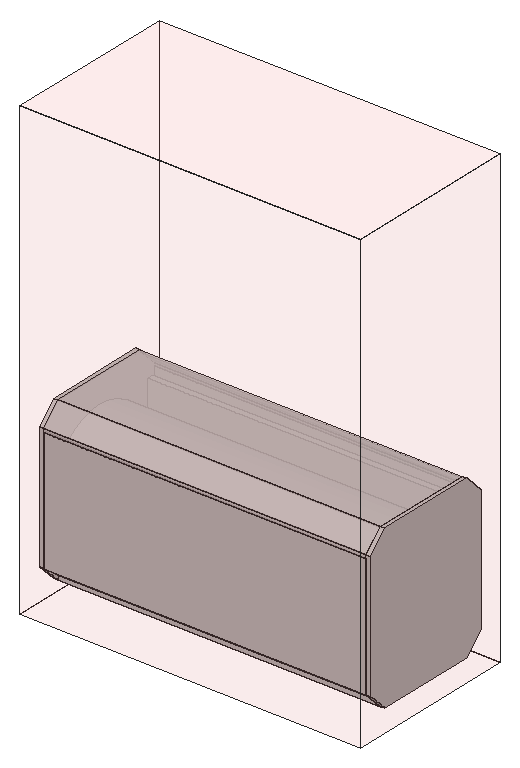
Revit family "Air-Curtain_Specialty_PoweredAire_LDC-Corrosive", category Mechanical Equipment, host Face, Revit 2024
Family settings
  Host = Face
  Round Connector Dimension = Use Diameter
  Part Type = Normal
  OmniClass Number = 23.75.35.17.21
  OmniClass Title = Air Curtains
  Cut with Voids When Loaded = No
  Maintain Annotation Orientation = No
  Shared = No
  Room Calculation Point = No
Parameters
  Warranty Duration (Years) = 0
  Unit Width Notes = "Other Widths available."  # constant formula
  Unit Width = 3' - 0"
  Unit Weight = 0
  Unit Height = 1' - 3"
  Unit Depth = 1' - 5 1/2"
  URL = "http://www.poweredaire.com/"
  Test Data = ""
  Standards Conformance = "as Specified"
  Specification = "http://www.arcat.com/sdspecs/htm04/23_34_33pai.htm"
  SpecWizard = ""
  Sound Pressure = "as Specified"
  Sales Information = "http://www.poweredaire.com/contact_us"
  Revision = "R1_2016-08"
  Projection from Host [instance] = 0' - 2"
  Product Properties = ""
  Product Data = "http://www.arcat.com/arcatcos/cos47/arc47623.html"
  Power Rating = 0 W
  Nozzle Width = if(1 = 1, Unit Width - 0' 1", 0' 0")  # 2' - 11"
  Mounting Width = if(1 = 1, Unit Width - 0' 0 15/16", 0' 0")  # 2' - 11 1/16"
  Mounting Height [instance] = 3' - 6"
  Motor RPM = 0
  Motor HP = 0
  Motor Count = 0
  Model = "As Specified"
  Max Height = 0' - 0"
  Manufacturer Website = "http://www.poweredaire.com/"
  Manufacturer Phone - Toll Free = "888-321-2473"
  Manufacturer Phone = "724-588-3305"
  Manufacturer Fax = "724-588-3371"
  Manufacturer Address = "109 Mortensen Rd.  Greenville, PA 16125"
  Manufacturer = "Powered Aire, Inc"
  Maintenance Schedule (Months) = 0
  Keynote = "23 34 33"
  Installation-Fabrication = ""
  Installation Phase = ""
  Include Clearance [instance] = yes
  Heating Element Load = 0 W
  HVAC_Temperature Rise = 0 °F
  HVAC_Outlet Volume = 0 CFM
  HVAC_Outlet Velocity Uniformity = 0
  HVAC_Outlet Velocity = 0 FPM
  Green Building-LEED = "http://www.arcat.com/green/clients/leed_data_47623.html"
  Front Grating Material [instance] = Metal - Steel - PoweredAire - Stainless 316 Perforated
  Frame Finish [instance] = Metal - Steel - PoweredAire - Stainless 316
  Expected Lifespan (Years) = 0
  Electrical_Wattage [instance] = Power Rating + Heating Element Load  # 0 W
  Electrical_Voltage [instance] = 0 V
  Electrical_Phase [instance] = 1
  Electrical_Frequency [instance] = 0 Hz
  Electrical_Amperage [instance] = 0 A
  Drawn By = "Sumex Design, Inc. / Robert S. Weygant, CSI, CDT, SCIP"
  Description = "Powered Aire Air Curtain as Specified"
  Default Elevation = 0' - 0"  # constant formula
  Copyright = "©Arcat Inc."
  Construction Details = "http://www.arcat.com/details/powair/prod3336.html"
  Clearance_Top [instance] = 0' - 2"
  Clearance_Side B [instance] = 0' - 0 1/2"
  Clearance_Side A [instance] = 0' - 0 1/2"
  Clearance_Intake [instance] = 2' - 6"
  Clearance_Bottom [instance] = 0' - 2"
  Clearance Material [instance] = ARCAT Clearance
  Building Codes = ""
  Available Options [instance] = "as Specified"
  Assembly Code = "D3090400"
Reference planes (in)
  plane 1 "Center (Elevation)": y = 0.13818
  plane 2: z = 0
  plane 3 "Center (Left/Right)": x = 0
  plane 4: y = 7.63818
  plane 5: y = -7.36182
  plane 6: x = -18
  plane 7: x = 18
  plane 8: z = 19.5
  plane 9 "FF": y = -41.86182
  plane 10: z = 2
  plane 11: x = 17.5
  plane 12: x = -17.5
  plane 13: y = 9.63818
  plane 14: y = -9.36182
  plane 15: x = -18.5
  plane 16: x = 18.5
  plane 17: z = 49.5
Forms (in)
  Extrusion 1, solid, material "Metal - Steel - PoweredAire - Stainless 316" <- "Frame Finish"
    sketch origin (0, 0, 0) x (0, 1, 0) y (0, 0, 1)
      loop
        line (5.69363, 2) -> (7.63818, 3.94454) -> (7.63818, 17.55546) -> (5.69363, 19.5) -> (-5.41728, 19.5) -> (-7.36182, 17.55546) -> (-7.36182, 3.94454) -> (-5.41728, 2) -> (5.69363, 2)
    from 17.5 to 18
  Extrusion 2, solid, material "Metal - Steel - PoweredAire - Stainless 316" <- "Frame Finish"
    sketch origin (0, 0, -0.5) x (0, 1, 0) y (0, 0, 1)
      loop
        circle (0.13818, 10.9739) r 6.25
      loop
        line (6.63818, 16.89427) -> (6.63818, 5.87829) -> (7.33849, 5.87829) -> (7.33849, 16.89427) -> (6.63818, 16.89427)
      loop
        line (-7.02798, 16.76927) -> (-7.02798, 5.75329) -> (-6.36182, 5.75329) -> (-6.36182, 16.76927) -> (-7.02798, 16.76927)
    from -17.5 to 17.5
  Extrusion 3, solid, material "Metal - Steel - PoweredAire - Stainless 316" <- "Frame Finish"
    sketch origin (0, 0, 0) x (0, 1, 0) y (0, 0, -1)
      loop
        line (5.69363, -2) -> (-5.41728, -2) -> (-7.36182, -3.94454) -> (-7.36182, -17.55546) -> (-5.41728, -19.5) -> (5.69363, -19.5) -> (7.63818, -17.55546) -> (7.63818, -3.94454) -> (5.69363, -2)
    from 17.5 to 18
  Extrusion 4, solid, material "Metal - Steel - PoweredAire - Stainless 316" <- "Frame Finish"
    sketch origin (0, 0, 0) x (0, 1, 0) y (0, 0, 1)
      loop
        line (-5.41728, 2) -> (5.69363, 2) -> (7.63818, 3.94454) -> (7.63818, 17.19454) -> (7.51318, 17.19454) -> (7.51318, 3.99632) -> (5.64186, 2.125) -> (-5.29228, 2.125) -> (-5.29228, 4.06954) -> (-7.23682, 4.06954) -> (-7.23682, 17.19454) -> (-7.36182, 17.19454) -> (-7.36182, 3.94454) -> (-5.41728, 3.94454) -> (-5.41728, 2)
      loop
        line (-6.64819, 3.61034) -> (-5.8702, 2.83235) -> (-5.74472, 2.95783) -> (-6.52271, 3.73583) -> (-6.64819, 3.61034)
    from -17.5 to 17.5
  Extrusion 5, solid, material "Metal - Steel - PoweredAire - Stainless 316 Perforated" <- "Front Grating Material"
    sketch origin (0, 0, 0) x (0, 1, 0) y (0, 0, 1)
      loop
        line (-7.36182, 17.19454) -> (-7.23682, 17.19454) -> (-7.23682, 17.50368) -> (-5.3655, 19.375) -> (5.64186, 19.375) -> (7.51318, 17.50368) -> (7.51318, 17.19454) -> (7.63818, 17.19454) -> (7.63818, 17.55546) -> (5.69363, 19.5) -> (-5.41728, 19.5) -> (-7.36182, 17.55546) -> (-7.36182, 17.19454)
    from -17.5 to 17.5
  Extrusion 6, solid, material "ARCAT Clearance" <- "Clearance Material", visible <- "Include Clearance"
    sketch origin (0, 0, 0) x (0, 1, 0) y (0, 0, 1)
      loop
        line (-9.36182, 49.5) -> (-9.36182, 0) -> (9.63818, 0) -> (9.63818, 49.5) -> (-9.36182, 49.5)
    from -18.5 to 18.5
Dimensions and locks (in)
  equal spacing: plane 4, plane 1 "Center (Elevation)", plane 5
  "Unit Height": plane 4 to plane 5
  equal spacing: plane 6, plane 3 "Center (Left/Right)", plane 7
  "Unit Width": plane 6 to plane 7
  "Mounting Height": plane 1 "Center (Elevation)" to plane 9 "FF"
  "Projection from Host": plane 10 to level
  "Unit Depth": plane 8 to plane 10
  locked: plane 6 to plane 12 at 0.5
  locked: plane 11 to plane 7 at 0.5
  "Clearance_Side A": plane 7 to plane 16
  "Clearance_Side B": plane 15 to plane 6
  "Clearance_Top": plane 13 to plane 4
  "Clearance_Bottom": plane 5 to plane 14
  "Clearance_Intake": plane 17 to plane 8
  aligned and locked: plane 2 to host face
  aligned and locked: level to host face
  aligned and locked: plane 7 to Extrusion 1
  aligned and locked: Extrusion 1 to plane 11
  aligned and locked: plane 12 to Extrusion 3
  aligned and locked: Extrusion 3 to plane 6
  aligned and locked: Extrusion 2 to plane 12
  aligned and locked: plane 11 to Extrusion 2
  aligned and locked: plane 11 to Extrusion 4
  aligned and locked: Extrusion 4 to plane 12
  aligned and locked: plane 11 to Extrusion 5
  aligned and locked: Extrusion 5 to plane 12
  aligned and locked: Extrusion 6 sketch curve to plane 17
  aligned and locked: plane 14 to Extrusion 6 sketch curve
  aligned and locked: level to Extrusion 6 sketch curve
  aligned and locked: Extrusion 6 sketch curve to plane 13
  aligned and locked: plane 16 to Extrusion 6
  aligned and locked: Extrusion 6 to plane 15
Automatic sketch dimensions
  host sketch curve to host sketch curve = 8' - 0"  (x2)
  Extrusion 1 sketch curve to plane 5 = 0' - 0"
  Extrusion 1 sketch curve to plane 8 = 0' - 0"
  Extrusion 1 sketch curve to plane 10 = 0' - 0"
  Extrusion 1 sketch curve to plane 4 = 0' - 0"
  plane 5 to Extrusion 1 sketch curve = 0' - 1.94454"  (x2)
  Extrusion 1 sketch curve to plane 4 = 0' - 1.94454"  (x2)
  plane 10 to Extrusion 1 sketch curve = 0' - 1.94454"  (x2)
  Extrusion 1 sketch curve to plane 8 = 0' - 1.94454"  (x2)
  Extrusion 2 sketch curve to plane 1 "Center (Elevation)" = 0' - 0"
  plane 5 to Extrusion 2 sketch curve = 0' - 1"
  plane 5 to Extrusion 2 sketch curve = 0' - 0.33384"
  Extrusion 2 sketch curve to plane 4 = 0' - 1"
  Extrusion 2 sketch curve to plane 4 = 0' - 0.29969"
  plane 10 to Extrusion 2 sketch curve = 0' - 3.37829"
  plane 10 to Extrusion 2 sketch curve = 0' - 3.25329"
  Extrusion 2 sketch curve to plane 8 = 0' - 9.0261"
  Extrusion 2 sketch curve to plane 8 = 0' - 3.23073"
  Extrusion 2 sketch curve to plane 8 = 0' - 3.10573"
  Extrusion 3 sketch curve to plane 5 = 0' - 0"
  Extrusion 3 sketch curve to plane 8 = 0' - 0"
  Extrusion 3 sketch curve to plane 10 = 0' - 0"
  Extrusion 3 sketch curve to plane 4 = 0' - 0"
  plane 5 to Extrusion 3 sketch curve = 0' - 1.94454"  (x2)
  Extrusion 3 sketch curve to plane 4 = 0' - 1.94454"  (x2)
  Extrusion 3 sketch curve to plane 8 = 0' - 1.94454"  (x2)
  plane 10 to Extrusion 3 sketch curve = 0' - 1.94454"  (x2)
  Extrusion 4 sketch curve to plane 5 = 0' - 0"
  Extrusion 4 sketch curve to plane 10 = 0' - 0"
  Extrusion 4 sketch curve to plane 4 = 0' - 0"
  plane 5 to Extrusion 4 sketch curve = 0' - 0 1/8"
  plane 5 to Extrusion 4 sketch curve = 0' - 0.71363"
  Extrusion 4 sketch curve to Extrusion 4 sketch curve = 0' - 0.12548"  (x2)
  Extrusion 4 sketch curve to Extrusion 4 sketch curve = 0' - 0.778"
  Extrusion 4 sketch curve to Extrusion 4 sketch curve = 0' - 0.32744"
  Extrusion 4 sketch curve to Extrusion 4 sketch curve = 0' - 0 1/8"  (x2)
  plane 10 to Extrusion 4 sketch curve = 0' - 0 1/8"
  Extrusion 4 sketch curve to plane 4 = 0' - 1.99632"
  Extrusion 4 sketch curve to Extrusion 4 sketch curve = 0' - 0.05178"  (x2)
  plane 10 to Extrusion 4 sketch curve = 0' - 0.83235"
  plane 10 to Extrusion 4 sketch curve = 0' - 1.94454"
  Extrusion 4 sketch curve to Extrusion 4 sketch curve = 0' - 0.3342"
  Extrusion 4 sketch curve to plane 4 = 0' - 0 1/8"
  Extrusion 4 sketch curve to plane 8 = 0' - 2.30546"  (x2)
  Extrusion 5 sketch curve to plane 5 = 0' - 0"
  Extrusion 5 sketch curve to plane 8 = 0' - 0"
  Extrusion 5 sketch curve to plane 4 = 0' - 0"
  plane 5 to Extrusion 5 sketch curve = 0' - 0 1/8"
  plane 5 to Extrusion 5 sketch curve = 0' - 1.94454"
  Extrusion 5 sketch curve to plane 8 = 0' - 0 1/8"
  Extrusion 5 sketch curve to Extrusion 5 sketch curve = 0' - 0.05178"  (x4)
  Extrusion 5 sketch curve to plane 4 = 0' - 1.99632"
  Extrusion 5 sketch curve to plane 8 = 0' - 1.94454"  (x2)
  Extrusion 5 sketch curve to Extrusion 5 sketch curve = 0' - 0 1/8"
  Extrusion 5 sketch curve to Extrusion 5 sketch curve = 0' - 0.30914"  (x2)
  radius of Extrusion 2 sketch curve = 0' - 6 1/4"
Connectors (in)
  electrical at (0, 7.63818, 10.56954), driven by "Electrical_Phase", driven by "Electrical_Voltage"
    settings: on Extrusion 4, index 1, voltage 0 V, apparent load 0 VA, apparent load phase1 0 VA, apparent load phase2 0 VA, apparent load phase3 0 VA, power factor 1, load classification "Motor", number of poles 1, system type 31, power factor state 1, is connector primary yes, connector utility no, sub classification motor no, connector description ""
